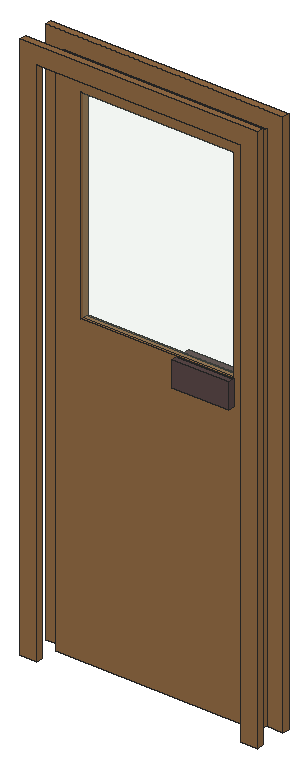
Revit family "Por_Sim_Vis", category Doors, host Wall, Revit 2025
Family settings
  Host = Wall
  OmniClass Number = 23.30.10.00
  OmniClass Title = Doors
  Always vertical = Yes
  Cut with Voids When Loaded = No
  Shared = No
  Room Calculation Point = Yes
Parameters (values of type "Porta_80_Visor")
  Thickness = 35.00 mm
  Material Porta Visor = CT_Vidros
  Material Porta Controle [instance] = CT_Controle_Acesso
  Function = Interior
  Material Porta Folha = CT_Porta_Folha
  Material Porta Marco = CT_Porta_Marco
  Height = 2100.00 mm
  Trim Projection Ext = 25.00 mm
  Trim Projection Int = 25.00 mm
  Trim Width = 66.00 mm
  Wall Closure = By host
  Width = 800.00 mm
  Define Thermal Properties by = Schematic Type
  ComControledeAcesso [instance] = yes
  Analytic Construction = "<None>"
  Aberta 90 graus [instance] = yes
  Aberta 45 Graus [instance] = not(Aberta 90 graus)  # no
Reference planes
  plane 1: y = 0
  plane 2: z = 0
  plane 3: x = 0
  plane 4: x = -400
  plane 5: x = 400
  plane 6: z = 2100
Forms (mm)
  Extrusion 1, solid, material "CT_Porta_Folha" <- "Material Porta Folha"
    sketch origin (0, 0, 0) x (1, 0, 0) y (0, 0, 1)
      loop
        line (-400, 2100) -> (-400, 0) -> (400, 0) -> (400, 2100) -> (-400, 2100)
      loop
        line (-300, 2000) -> (-300, 1200) -> (300, 1200) -> (300, 2000) -> (-300, 2000)
    from -50 to -15
  Extrusion 2, solid, material "CT_Porta_Marco" <- "Material Porta Marco"
    sketch origin (-1524, -50, 0) x (1, 0, 0) y (0, 0, 1)
      loop
        line (1058, 2166) -> (1058, 0) -> (1124, 0) -> (1124, 2100) -> (1924, 2100) -> (1924, 0) -> (1990, 0) -> (1990, 2166) -> (1058, 2166)
    from 0 to 25
  Extrusion 3, solid, material "CT_Porta_Marco" <- "Material Porta Marco"
    sketch origin (-1524, 50, 0) x (-1, 0, 0) y (0, 0, 1)
      loop
        line (-1990, 2166) -> (-1990, 0) -> (-1924, 0) -> (-1924, 2100) -> (-1124, 2100) -> (-1124, 0) -> (-1058, 0) -> (-1058, 2166) -> (-1990, 2166)
    from 0 to 25
  Extrusion 4, solid, material "CT_Vidros" <- "Material Porta Visor"
    sketch origin (0, 15, 0) x (1, 0, 0) y (0, 0, 1)
      loop
        line (-300, 2000) -> (-300, 1200) -> (300, 1200) -> (300, 2000) -> (-300, 2000)
    from -24.626 to -10.089
  Extrusion 5, solid, material "CT_Controle_Acesso" <- "Material Porta Controle", visible <- "ComControledeAcesso"
    sketch origin (-872.172, 101.517, 0) x (-1, 0, 0) y (0, -1, 0)
      loop
        line (-948.744, 86.517) -> (-948.744, 111.517) -> (-1172.172, 111.517) -> (-1172.172, 86.517) -> (-948.744, 86.517)
    from 1102.653 to 1200
  Extrusion 6, solid, material "CT_Controle_Acesso" <- "Material Porta Controle", visible <- "ComControledeAcesso"
    sketch origin (-872.172, 15.883, 0) x (-1, 0, 0) y (0, -1, 0)
      loop
        line (-948.744, -34.117) -> (-1172.172, -34.117) -> (-1172.172, -59.117) -> (-948.744, -59.117) -> (-948.744, -34.117)
    from 1102.653 to 1200
Lines and regions (mm)
  Opening 1
    outline origin (-1524, -50, 3657.6) x (0, 0, -1) y (1, 0, 0)
      loop
        line (1557.6, 1124) -> (3657.6, 1124) -> (3657.6, 1924) -> (1557.6, 1924) -> (1557.6, 1124)
  symbolic lines, style "DoorsPanelProjection", visible <- "Aberta 90 graus"
    curve 1: line (400, 50, 0) -> (365, 50, 0)
    curve 2: line (400, 50, 0) -> (400, 850, 0)
    curve 3: line (400, 850, 0) -> (365, 850, 0)
    curve 4: line (365, 50, 0) -> (365, 850, 0)
  model lines, style "DoorsFrameMullionProjection"
    curve 5: line (-466, -50, 0) -> (-466, -50, 2166)
    curve 6: line (-466, -50, 2166) -> (466, -50, 2166)
    curve 7: line (466, -50, 2166) -> (466, -50, 0)
    curve 8: line (466, 50, 0) -> (466, 50, 2166)
    curve 9: line (-466, 50, 2166) -> (466, 50, 2166)
    curve 10: line (-466, 50, 2166) -> (-466, 50, 0)
    curve 16: line (346.669, 122.869, 0) -> (346.669, 122.869, 2166)
  symbolic lines, style "Plan Swing", visible <- "Aberta 45 Graus"
    curve 11: arc (-188.585, 591.819, 0) -> (-345.274, 340.803, 0) -> (-400, 50, 0) r 800
  symbolic lines, style "DoorsPanelProjection", visible <- "Aberta 45 Graus"
    curve 12: line (400, 50, 0) -> (377.201, 25.251, 0)
    curve 13: line (400, 50, 0) -> (-187.864, 591.556, 0)
    curve 14: line (-187.864, 591.556, 0) -> (-210.663, 566.808, 0)
    curve 15: line (377.201, 25.251, 0) -> (-210.663, 566.808, 0)
  symbolic lines, style "Plan Swing", visible <- "Aberta 90 graus"
    curve 17: arc (400, 850, 0) -> (-165.685, 615.685, 0) -> (-400, 50, 0) r 800
Dimensions and locks
  equal spacing: plane 4, plane 3, plane 5
  "Width": plane 4 to plane 5
  locked: host wall to curve 1
  control icon elem to plane 5 = 204.408 mm
  "Height": plane 6 to plane 2
  "Trim Width": plane 4 to curve 5
  "Trim Width": plane 5 to curve 7
  "Trim Width": plane 6 to curve 6
  locked: curve 9 to host wall
  "Trim Projection Ext": Extrusion 3 to host wall
  "Trim Projection Int": Extrusion 2 to host wall
  "Thickness": curve 4 to plane 5
  "Thickness": Extrusion 1 to host wall
  plane 6 to level = 2100.00 mm
  "Width": curve 3 to curve 2
  locked: Extrusion 1 to Extrusion 4 at 10.374
  locked: Extrusion 4 to Extrusion 4 at 14.538
  locked: Extrusion 5 to Extrusion 5 at 25
  locked: Extrusion 6 to Extrusion 6 at 25
  "Width": radius of curve 17
  "Width": radius of curve 11
  aligned and locked: host wall to Extrusion 1
  aligned and locked: plane 2 to curve 5
  aligned and locked: curve 7 to level
  aligned and locked: curve 8 to curve 7
  aligned and locked: curve 6 to Extrusion 2 sketch curve
  aligned and locked: Extrusion 2 sketch curve to curve 5
  aligned and locked: Extrusion 2 sketch curve to curve 7
  aligned and locked: Extrusion 2 to Extrusion 3 sketch curve
  aligned and locked: Extrusion 3 sketch curve to Extrusion 2  (x2)
  aligned and locked: Extrusion 6 to Extrusion 1  (x2)
  aligned and locked: Extrusion 5 to Extrusion 1  (x2)
  aligned and locked: Extrusion 4 to Extrusion 1  (x4)
  aligned and locked: Extrusion 1 to Extrusion 5
  aligned and locked: Extrusion 1 to Extrusion 6
Automatic sketch dimensions
  Opening 1 sketch curve to plane 6 = 0.00 mm
  Opening 1 sketch curve to level = 0.00 mm
  Opening 1 sketch curve to plane 4 = 0.00 mm
  Opening 1 sketch curve to plane 5 = 0.00 mm
  Extrusion 2 sketch curve to level = 0.00 mm  (x2)
  Extrusion 2 sketch curve to plane 4 = 0.00 mm
  Extrusion 2 sketch curve to plane 5 = 0.00 mm
  Extrusion 2 sketch curve to plane 6 = 0.00 mm
  Extrusion 3 sketch curve to level = 0.00 mm  (x2)
  Extrusion 3 sketch curve to plane 5 = 0.00 mm
  Extrusion 3 sketch curve to plane 4 = 0.00 mm
  Extrusion 3 sketch curve to plane 6 = 0.00 mm
  curve 8 to level = 0.00 mm
  curve 10 to level = 0.00 mm
  curve 10 to curve 5 = 0.00 mm  (x2)
  level to curve 16 = 0.00 mm
  curve 16 to plane 6 = 66.00 mm
  Extrusion 1 sketch curve to level = 0.00 mm
  plane 4 to Extrusion 1 sketch curve = 0.00 mm
  plane 5 to Extrusion 1 sketch curve = 0.00 mm
  Extrusion 1 sketch curve to plane 6 = 0.00 mm
  Extrusion 1 sketch curve to plane 4 = 100.00 mm
  plane 3 to Extrusion 1 sketch curve = 300.00 mm
  level to Extrusion 1 sketch curve = 1200.00 mm
  plane 6 to Extrusion 1 sketch curve = 100.00 mm
  host wall to Extrusion 5 sketch curve = 35.00 mm
  Extrusion 5 sketch curve to plane 5 = 100.00 mm
  Extrusion 5 sketch curve to host wall = 10.00 mm
  Extrusion 5 sketch curve to plane 3 = 76.573 mm
  Extrusion 6 sketch curve to host wall = 0.00 mm
  plane 5 to Extrusion 6 sketch curve = 100.00 mm
  host wall to Extrusion 6 sketch curve = 25.00 mm
  plane 3 to Extrusion 6 sketch curve = 76.573 mm
  Extrusion 4 sketch curve to Extrusion 1 = 100.00 mm  (x2)
  Extrusion 4 sketch curve to Extrusion 1 = 0.00 mm
  Extrusion 1 to Extrusion 4 sketch curve = 0.00 mm
  curve 2 to plane 5 = 0.00 mm
  curve 14 to plane 4 = 189.337 mm
  curve 14 to curve 14 = 22.799 mm
  curve 11 to curve 13 = 0.72 mm
